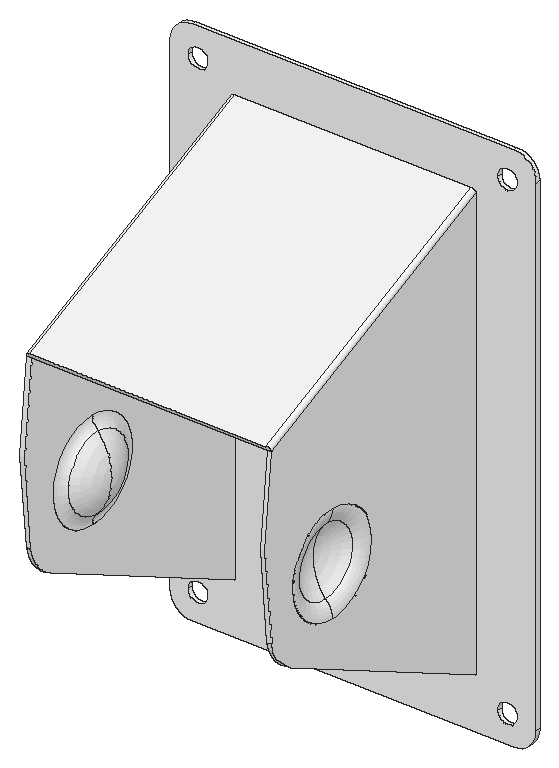
Revit family "KingswayGroup_TltRllHldrs_Anti-LigatureToiletRollHolder", category Specialty Equipment, Revit 2020
Family settings
  Round Connector Dimension = Use Diameter
  Part Type = Normal
  Work Plane-Based = No
  Always vertical = Yes
  Cut with Voids When Loaded = No
  Shared = No
  Room Calculation Point = No
Parameters
  WarrantyStartDate [instance] = "1900-12-31T23:59:59"
  WarrantyGuarantorParts = "sales@kingswaygroup.co.uk"
  WarrantyGuarantorLabor = "n/a"
  WarrantyDurationUnit = "year"
  WarrantyDurationParts = "5"
  WarrantyDurationLabor = "n/a"
  WarrantyDescription = "5-Year Guarantee *For faulty manufacture and not for damage"
  Version = "1"
  Uniclass2015Version = "Products v1.36"
  Uniclass2015Title = "Toilet roll holders"
  Uniclass2015Code = "Pr_40_20_76_88"
  URL = "https://kingswaygroupglobal.com/"
  TagNumber [instance] = "n/a"
  SustainabilityPerformance = "n/a"
  Size = "165.1 x 241.3 x 120.7 mm"
  Shape = "n/a"
  SerialNumber [instance] = "n/a"
  Revision = "n/a"
  ReplacementCost = "n/a"
  ProductInformation = "https://kingswaygroupglobal.com/product/anti-ligature-toilet-roll-holder?noredirect=true"
  NominalWidth = 120.7 mm  # constant formula
  NominalLength = 165.1 mm  # constant formula
  NominalHeight = 241.3 mm  # constant formula
  Name = "ToiletRollHolders_Anti-LigatureToiletRollHolder_KG03_KingswayGroup"
  ModelReference = "Anti-Ligature Toilet Roll Holder"
  ModelNumber = "KG03"
  Model = ModelNumber  # "KG03"
  HolderMaterial = NBS_Concept
  Material = "Stainless Steel"
  ManufacturerURL = "https://kingswaygroupglobal.com/"
  ManufacturerName = "Kingsway Group"  # constant formula
  Manufacturer = ManufacturerName  # "Kingsway Group"
  InstallationDate [instance] = "1900-12-31T23:59:59"
  IfcExportType = "USERDEFINED"  # constant formula
  IfcExportAs = "IfcFurnitureType"  # constant formula
  Grade = "316"
  Finish = "For full range of available finishes and colours, contact Kingsway Group"
  Features = "An Anti-Ligature Toilet Roll Holder manufactured from stainless steel for a safe, effective, and highly durable solution for patient accessible toilets. The surface-mounted unit is provided with anti-tamper screws."
  ExpectedLife = "n/a"
  DurationUnit = "year"
  Description = "Toilet Roll Holders"
  Default Elevation = 0.0 mm
  Constituents = "n/a"
  Color = "For full range of available finishes and colours, contact Kingsway Group"
  CodePerformance = "n/a"
  Category = "Pr_40_20_76_88:Toilet roll holders"
  BarCode [instance] = "n/a"
  BIMObjectName = "KingswayGroup_ToiletRollHolders_Anti-LigatureToiletRollHolder"
  Author = "Kingsway Group"  # constant formula
  AssetType = "Fixed"
  AssetIdentifier [instance] = "n/a"
  AccessibilityPerformance = "n/a"
Reference planes
  plane 1 "Center (Front/Back)": y = 0
  plane 2: z = 0
  plane 3 "Center (Left/Right)": x = 0
Forms (mm)
  Extrusion 1, solid, material "NBS_Concept" <- "HolderMaterial"
    sketch origin (0, 0, 0) x (1, 0, 0) y (0, 0, 1)
      loop
        arc (-82.55, 10.001) -> (-79.621, 2.929) -> (-72.549, 0) r 10.001
        line (-72.549, 0) -> (72.553, 0)
        arc (72.553, 0) -> (79.622, 2.928) -> (82.55, 9.998) r 9.998
        line (82.55, 9.998) -> (82.55, 231.299)
        arc (82.55, 231.299) -> (79.621, 238.371) -> (72.549, 241.3) r 10.001
        line (72.549, 241.3) -> (-72.549, 241.3)
        arc (-72.549, 241.3) -> (-79.621, 238.371) -> (-82.55, 231.299) r 10.001
        line (-82.55, 231.299) -> (-82.55, 10.001)
      loop
        circle (-69.85, 12.499) r 4.5
      loop
        circle (69.85, 12.499) r 4.5
      loop
        circle (69.85, 228.399) r 4.5
      loop
        circle (-69.85, 228.399) r 4.5
    from 0 to 1.9
  Sweep 2, solid, material "NBS_Concept" <- "HolderMaterial"
    path origin (0, 0, 0) x (0, 1, 0) y (0, 0, 1)
      loop
        line (-116.773, 163.717) -> (-0.9, 217.749)
    profile origin (0, -58.836, 190.733) x (0, -0.42262, 0.906307) y (1, 0, 0)
      loop
        line (0, 55.2) -> (0, -55.18)
        arc (0, -55.18) -> (1.408, -54.661) -> (2, -53.283) r 1.9
        line (2, -53.283) -> (2, 53.303)
        arc (2, 53.303) -> (1.408, 54.681) -> (0, 55.2) r 1.9
  Revolve 3, solid, material "NBS_Concept" <- "HolderMaterial"
    sketch origin (-4.4, -82.6, 0) x (-1, 0, 0) y (0, 0, -1)
      loop
        arc (-50.628, -103.188) -> (-52.101, -111.305) -> (-56.333, -118.385) r 23.096
        arc (-56.333, -118.385) -> (-58.745, -121.612) -> (-59.6, -125.55) r 9.489
        line (-59.6, -125.55) -> (-57.6, -125.55)
        arc (-57.6, -125.55) -> (-56.898, -122.385) -> (-54.925, -119.813) r 7.489
        arc (-54.925, -119.813) -> (-50.255, -112.077) -> (-48.628, -103.188) r 25.096
        line (-48.628, -103.188) -> (-50.628, -103.188)
      axis (-48.628, -103.188) -> (-59.6, -103.188)
    angle from 0 to 360
  Extrusion 4, solid, material "NBS_Concept" <- "HolderMaterial"
    sketch origin (-53.18, 0, 0) x (0, 1, 0) y (0, 0, 1)
      loop
        line (-1.9, 217.283) -> (-116.773, 163.717)
        arc (-116.773, 163.717) -> (-120.712, 124.847) -> (-117.018, 85.953) r 199.96
        arc (-117.018, 85.953) -> (-113.145, 77.463) -> (-105.84, 71.655) r 19.999
        line (-105.84, 71.655) -> (-1.9, 23.188) -> (-1.9, 217.283)
      loop
        circle (-82.6, 103.188) r 22.361
    from -2 to 0
  Revolve 5, solid, material "NBS_Concept" <- "HolderMaterial"
    sketch origin (4.42, -82.6, 0) x (1, 0, 0) y (0, 0, 1)
      loop
        line (-50.628, 103.188) -> (-48.628, 103.188)
        arc (-48.628, 103.188) -> (-50.255, 112.077) -> (-54.925, 119.813) r 25.096
        arc (-54.925, 119.813) -> (-56.898, 122.385) -> (-57.6, 125.55) r 7.489
        line (-57.6, 125.55) -> (-59.6, 125.55)
        arc (-59.6, 125.55) -> (-58.745, 121.612) -> (-56.333, 118.385) r 9.489
        arc (-56.333, 118.385) -> (-52.101, 111.305) -> (-50.628, 103.188) r 23.096
      axis (-48.628, 103.188) -> (-59.6, 103.188)
    angle from 0 to 360
  Extrusion 6, solid, material "NBS_Concept" <- "HolderMaterial"
    sketch origin (53.2, 0, 0) x (0, 1, 0) y (0, 0, 1)
      loop
        line (-1.9, 217.283) -> (-116.773, 163.717)
        arc (-116.773, 163.717) -> (-120.712, 124.847) -> (-117.018, 85.953) r 199.96
        arc (-117.018, 85.953) -> (-113.145, 77.463) -> (-105.84, 71.655) r 19.999
        line (-105.84, 71.655) -> (-1.9, 23.188) -> (-1.9, 217.283)
      loop
        circle (-82.6, 103.188) r 22.361
    from 0 to 2
Dimensions and locks
  Extrusion 1 to Extrusion 1 = 241.3 mm
  Extrusion 1 to Extrusion 1 = 165.1 mm
  Extrusion 1 to Extrusion 1 = 215.9 mm
  Extrusion 1 sketch curve to plane 3 "Center (Left/Right)" to Extrusion 1 sketch curve = 82.55 mm, 82.55 mm
  Extrusion 1 sketch curve to Extrusion 1 sketch curve to Extrusion 1 sketch curve to Extrusion 1 sketch curve = 12.7 mm, 139.7 mm, 12.7 mm
  Extrusion 1 to Extrusion 4 sketch curve = 120.713 mm
  Extrusion 1 to Extrusion 4 sketch curve = 82.6 mm
  Extrusion 6 to Extrusion 4 = 106.38 mm
  Extrusion 1 to Extrusion 4 = 120.713 mm
  Extrusion 1 to Revolve 5 = 82.6 mm
  Extrusion 4 to Extrusion 6 = 106.38 mm
  aligned and locked: level to plane 2
  aligned and locked: Extrusion 4 to Revolve 5
